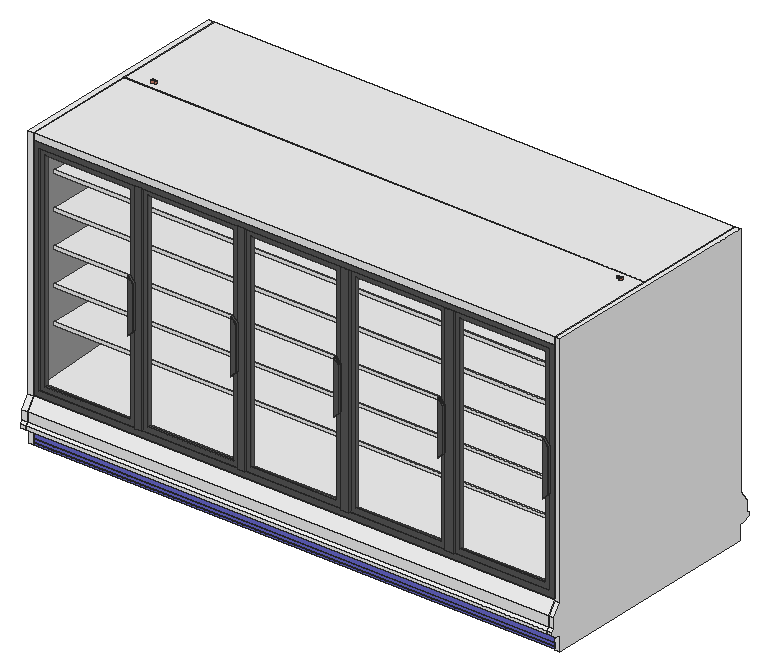
Revit family
Parameters (values of type "RLNI-5DR. Innov., Innov. II & III")
  Width = 72 1/4"
  Voltage - Electric Defrost [instance] = 208 V
  Voltage [instance] = 120 V
  URL = "www.hussmann.com"
  Type Comments = "Narrow LT Reach-In Island Merchandiser"
  Temp Sensor [instance] = "Low Voltage"
  Telephone = no
  System Control [instance] = "1.00 A"
  Revit Family Dates = "4/23/12PMA(0112)"
  Refrigerant Suction Connection Diameter [instance] = 7/8"
  Refrigerant Liquid Connection Diameter [instance] = 3/8"
  Refrig. Suction-2 [instance] = "Suction2"
  Refrig. Suction [instance] = "Suction"
  Refrig. Liquid-2 [instance] = "Liquid2"
  Refrig. Liquid [instance] = "Liquid"
  Phase [instance] = 1
  Number of Shelves = 0
  Model = "RLNI-5"
  Mirrored Right End Cap On/Off [instance] = yes
  Mirrored Left End Cap On/Off [instance] = yes
  Manufacturer = "Hussmann Corporation"
  MCA (Min Circ Amp) - 2 [instance] = 8.6 A
  MCA (Min Circ Amp) [instance] = 8.6 A
  Linear Shelf Length = 0"
  Length = 153 5/16"
  Height = 82 3/8"
  Front Height = 0"
  Frequency [instance] = 60 Hz
  Finish_Trim [instance] = Stainless Steel 2
  Finish_Top [instance] = none
  Finish_Shelf [instance] = Stainless Steel
  Finish_Handle = Metal Black-Door
  Finish_Glass [instance] = Glass 2
  Finish_Frame = Metal Black-Door
  Finish_Door [instance] = Metal Black-Door
  Finish_Case [instance] = Stainless Steel
  Finish_Bumper [instance] = Metal Blue-trim
  Finish_Base [instance] = Stainless Steel
  Elect. Defrost Amps-2 [instance] = "16.82 A"
  Elect. Defrost Amps [instance] = "16.82 A"
  Elect. Def. Amps - 2 [instance] = 16.82 A
  Elect. Def. Amps [instance] = 16.82 A
  EMS = no
  Drain Pipe Size = "1 1/4\""
  Drain Heaters-2 [instance] = 2.57 A
  Drain Heaters [instance] = 2.57 A
  Description = "Low Temperature Reach-in(Food or Ice Cream)"
  Depth = 39 3/4"
  Data = "N/A"
  Copper-Suction [instance] = Copper
  Copper-Liquid [instance] = Copper
  Case Lights-2 [instance] = 0.9 A
  Case Lights Amps-2 [instance] = "0.90 A"
  Case Lights Amps [instance] = "0.90 A"
  Case Lights [instance] = 0.9 A
  Case Fans (MCA)-2 [instance] = "8.60 A"
  Case Fans (MCA) [instance] = "8.60 A"
  Assembly Code = ""
  Accessories/Options = "N/A"
Reference planes (in)
  plane 1 "Center (Front/Back)": y = 0
  plane 2: z = 0
  plane 3: z = 13.375
  plane 4: z = 80.375
  plane 5: z = 82.375
  plane 6: x = -77.30699
  plane 7: x = 76.00551
  plane 8: x = -0.49449
  plane 9: y = -36.16436
  plane 10: y = -27.03936
  plane 11: y = -24.41436
  plane 12: y = 36.08564
  plane 13: y = 23.375
  plane 14: y = 20.75
  plane 15: x = 71.00551
  plane 16: y = -23.91436
  plane 17: y = -34.03936
  plane 18: x = 63.00551
  plane 19: x = -34.86949
  plane 20: x = 33.88051
Forms (in)
  Extrusion 1, solid, material "Stainless Steel" <- "Finish_Case"
    sketch origin (-77.30699, 3.58564, 0) x (0, 1, 0) y (0, 0, 1)
      loop
        line (-5, 4.63662) -> (-3.58564, 6.05098) -> (-3.58564, 82.375) -> (-36.8125, 82.375) -> (-36.8125, 80.375) -> (-5.25, 80.375) -> (-5.25, 8.32075) -> (-24.32494, 7.65464) -> (-25.55546, 6.42413) -> (-29.05546, 6.42413) -> (-31, 8.36867) -> (-33.25, 8.36867) -> (-33.25, 6.36867) -> (-30.25, 4.63662) -> (-5, 4.63662)
    from 0 to 153.3125
  Extrusion 2, solid, material "Stainless Steel" <- "Finish_Case"
    sketch origin (-77.30699, 7.58564, 0) x (0, 1, 0) y (0, 0, 1)
      loop
        line (-37.25, 13.375) -> (-40.75, 13.06879) -> (-43.04431, 9.79218) -> (-43.04431, 7.04218) -> (-43.75, 6.33649) -> (-43.75, 5.46372) -> (-42.51777, 4.6009) -> (-40.75, 6.36867) -> (-40.75, 8.36867) -> (-37.25, 8.36867) -> (-37.25, 13.375)
    from 0 to 153.3125
  Extrusion 3, solid, material "Stainless Steel" <- "Finish_Case"
    sketch origin (-77.30699, 3.58564, 0) x (0, 1, 0) y (0, 0, 1)
      loop
        line (-5.25, 80.375) -> (-32.75, 80.375) -> (-32.75, 79.30701) -> (-7.5, 78.86627) -> (-7.5, 8.24218) -> (-5.25, 8.32075) -> (-5.25, 80.375)
    from 0 to 153.3125
  Extrusion 4, solid
    sketch origin (-77.30699, 3.58564, 0) x (0, 1, 0) y (0, 0, 1)
      loop
        line (-33, 79.31138) -> (-33, 78.31138) -> (-30, 78.31138) -> (-30, 79.25901) -> (-33, 79.31138)
    from 0 to 150.375
  Extrusion 5, solid, material "Stainless Steel" <- "Finish_Base"
    sketch origin (-77.30699, 3.58564, 0) x (0, 1, 0) y (0, 0, 1)
      loop
        line (-7.5, 8.24218) -> (-7.5, 14.02618) -> (-29, 14.02618) -> (-29, 11.02618)
        arc (-29, 11.02618) -> (-29.29289, 10.31907) -> (-30, 10.02618) r 1
        line (-30, 10.02618) -> (-31.25, 10.02618)
        arc (-31.25, 10.02618) -> (-31.95711, 10.31907) -> (-32.25, 11.02618) r 1
        line (-32.25, 11.02618) -> (-32.25, 13.375) -> (-33.25, 13.375) -> (-33.25, 8.36867) -> (-31, 8.36867) -> (-29.05546, 6.42413) -> (-25.55546, 6.42413) -> (-24.32494, 7.65464) -> (-7.5, 8.24218)
    from 0 to 153.3125
  Extrusion 6, solid, material "Stainless Steel" <- "Finish_Shelf"
    sketch origin (-77.30699, 3.58564, 0) x (0, 1, 0) y (0, 0, 1)
      loop
        line (-7.5, 64.46157) -> (-7.5, 68.38662) -> (-8.5, 68.38662) -> (-8.5, 69.38662) -> (-29.5, 69.38662) -> (-29.5, 69.63662) -> (-29.75, 69.63662) -> (-29.75, 68.63662) -> (-29.5, 68.63662) -> (-29.5, 69.13662) -> (-26, 69.13662) -> (-26, 68.88662) -> (-13.81963, 68.88662) -> (-7.5, 64.46157)
      loop
        line (-34.54319, 13.85228) -> (-7.5, 15.26956) -> (-7.5, 16.27093) -> (-34.54319, 14.85366) -> (-34.54319, 13.85228)
      loop
        line (-7.5, 54.46157) -> (-7.5, 58.38662) -> (-8.5, 58.38662) -> (-8.5, 59.38662) -> (-29.5, 59.38662) -> (-29.5, 59.63662) -> (-29.75, 59.63662) -> (-29.75, 58.63662) -> (-29.5, 58.63662) -> (-29.5, 59.13662) -> (-26, 59.13662) -> (-26, 58.88662) -> (-13.81963, 58.88662) -> (-7.5, 54.46157)
      loop
        line (-7.5, 44.46157) -> (-7.5, 48.38662) -> (-8.5, 48.38662) -> (-8.5, 49.38662) -> (-29.5, 49.38662) -> (-29.5, 49.63662) -> (-29.75, 49.63662) -> (-29.75, 48.63662) -> (-29.5, 48.63662) -> (-29.5, 49.13662) -> (-26, 49.13662) -> (-26, 48.88662) -> (-13.81963, 48.88662) -> (-7.5, 44.46157)
      loop
        line (-7.5, 34.46157) -> (-7.5, 38.38662) -> (-8.5, 38.38662) -> (-8.5, 39.38662) -> (-29.5, 39.38662) -> (-29.5, 39.63662) -> (-29.75, 39.63662) -> (-29.75, 38.63662) -> (-29.5, 38.63662) -> (-29.5, 39.13662) -> (-26, 39.13662) -> (-26, 38.88662) -> (-13.81963, 38.88662) -> (-7.5, 34.46157)
      loop
        line (-7.5, 24.46157) -> (-7.5, 28.38662) -> (-8.5, 28.38662) -> (-8.5, 29.38662) -> (-29.5, 29.38662) -> (-29.5, 29.63662) -> (-29.75, 29.63662) -> (-29.75, 28.63662) -> (-29.5, 28.63662) -> (-29.5, 29.13662) -> (-26, 29.13662) -> (-26, 28.88662) -> (-13.81963, 28.88662) -> (-7.5, 24.46157)
    from 0 to 153.3125
  Extrusion 7, solid, material "Stainless Steel"
    sketch origin (-75.80699, 3.58564, 0) x (0, 1, 0) y (0, 0, 1)
      loop
        line (0, 4.26162) -> (-33.84766, 4.26162) -> (-33.84766, 0) -> (0, 0) -> (0, 4.26162)
    from 0 to -1.5
  Extrusion 8, solid, material "Stainless Steel"
    sketch origin (74.50551, 3.58564, 0) x (0, 1, 0) y (0, 0, 1)
      loop
        line (0, 4.26162) -> (-33.84766, 4.26162) -> (-33.84766, 0) -> (0, 0) -> (0, 4.26162)
    from 0 to 1.5
  Extrusion 9, solid, material "Metal Blue-trim"
    sketch origin (-80.30699, 8.39814, 0) x (0, 1, 0) y (0, 0, 1)
      loop
        line (-38.66016, 4.7871) -> (-39.66016, 5.36445) -> (-39.66016, 4.26162) -> (-41.3125, 4.55297) -> (-41.3125, 1.75) -> (-41.5625, 1.75) -> (-41.5625, 1) -> (-41.3125, 1) -> (-41.3125, 0.75) -> (-41.5625, 0.75) -> (-41.5625, 0.19004) -> (-39.66016, 0.52548) -> (-39.66016, 0) -> (-38.66016, 0) -> (-38.66016, 4.7871)
    from 3 to 156.3125
  Extrusion 10, solid, material "Stainless Steel"
    sketch origin (-80.30699, 3.58564, 0) x (0, 1, 0) y (0, 0, 1)
      loop
        line (-33.84766, 1.76162) -> (0, 1.76162) -> (0, 4.26162) -> (-33.84766, 4.26162) -> (-33.84766, 1.76162)
    from 4.5 to 154.8125
  Extrusion 11, solid, material "Stainless Steel"
    sketch origin (-75.80699, 3.58564, 0) x (0, 1, 0) y (0, 0, 1)
      loop
        line (-0.5532, 1.76162) -> (-2.8032, 1.76162) -> (-2.8032, 0) -> (-0.5532, 0) -> (-0.5532, 1.76162)
      loop
        line (-29.125, 1.76162) -> (-29.125, 0) -> (-26.875, 0) -> (-26.875, 1.76162) -> (-29.125, 1.76162)
    from 0 to 150.3125
  Extrusion 12, solid, material "Stainless Steel"
    sketch origin (-77.30699, 3.58564, 0) x (0, 1, 0) y (0, 0, 1)
      loop
        line (-2.5, 4.26162) -> (0, 4.26162) -> (0, 50.13662) -> (-2.5, 50.13662) -> (-2.5, 4.26162)
    from 0 to 153.3125
  Sweep 13, solid, material "Metal Black-Door"
    path origin (0, 6.77314, 0) x (1, 0, 0) y (0, 0, 1)
      loop
        line (-77.30699, 80.375) -> (-77.30699, 13.375) -> (76.00551, 13.375) -> (76.00551, 80.375) -> (-77.30699, 80.375)
    profile origin (-0.65074, 6.77314, 80.375) x (0, 0, 1) y (0, -1, 0)
      loop
        line (0, 40) -> (-1.5, 40) -> (-1.5, 38.5) -> (0, 38.5) -> (0, 40)
  Extrusion 14, solid, material "Metal Black-Door"
    sketch origin (0, -33.22686, 0) x (0, 0, 1) y (1, 0, 0)
      loop
        line (78.875, -75.80699) -> (78.875, -47.53199) -> (14.875, -47.53199) -> (14.875, -75.80699) -> (78.875, -75.80699)
      loop
        line (77.375, -74.30699) -> (77.375, -49.03199) -> (16.375, -49.03199) -> (16.375, -74.30699) -> (77.375, -74.30699)
      loop
        line (78.875, -17.25699) -> (14.875, -17.25699) -> (14.875, -45.53199) -> (78.875, -45.53199) -> (78.875, -17.25699)
      loop
        line (77.375, -18.75699) -> (16.375, -18.75699) -> (16.375, -44.03199) -> (77.375, -44.03199) -> (77.375, -18.75699)
      loop
        line (78.875, -15.13199) -> (78.875, 13.14301) -> (14.875, 13.14301) -> (14.875, -15.13199) -> (78.875, -15.13199)
      loop
        line (77.375, -13.63199) -> (77.375, 11.64301) -> (16.375, 11.64301) -> (16.375, -13.63199) -> (77.375, -13.63199)
      loop
        line (78.875, 43.79301) -> (14.875, 43.79301) -> (14.875, 15.51801) -> (78.875, 15.51801) -> (78.875, 43.79301)
      loop
        line (77.375, 42.29301) -> (16.375, 42.29301) -> (16.375, 17.01801) -> (77.375, 17.01801) -> (77.375, 42.29301)
      loop
        line (78.875, 46.23051) -> (78.875, 74.50551) -> (14.875, 74.50551) -> (14.875, 46.23051) -> (78.875, 46.23051)
      loop
        line (77.375, 47.73051) -> (77.375, 73.00551) -> (16.375, 73.00551) -> (16.375, 47.73051) -> (77.375, 47.73051)
    from 0.5 to 1.5
  Extrusion 15, solid, material "Glass 2"
    sketch origin (0, -32.47686, 0) x (1, 0, 0) y (0, 0, 1)
      loop
        line (-74.30699, 77.375) -> (-74.30699, 16.375) -> (-49.03199, 16.375) -> (-49.03199, 77.375) -> (-74.30699, 77.375)
      loop
        line (-18.75699, 77.375) -> (-44.03199, 77.375) -> (-44.03199, 16.375) -> (-18.75699, 16.375) -> (-18.75699, 77.375)
      loop
        line (-13.63199, 77.375) -> (-13.63199, 16.375) -> (11.64301, 16.375) -> (11.64301, 77.375) -> (-13.63199, 77.375)
      loop
        line (42.29301, 77.375) -> (17.01801, 77.375) -> (17.01801, 16.375) -> (42.29301, 16.375) -> (42.29301, 77.375)
      loop
        line (47.73051, 77.375) -> (47.73051, 16.375) -> (73.00551, 16.375) -> (73.00551, 77.375) -> (47.73051, 77.375)
    from 0 to -0.19922
  Extrusion 16, solid, material "Metal Black-Door"
    sketch origin (-34.88125, 3.64814, 31.9375) x (1, 0, 0) y (0, 0, 1)
      loop
        line (-14.15074, 22.8125) -> (-14.15074, 22.45895) -> (-12.90074, 21.20895) -> (-12.90074, 8.66605) -> (-14.15074, 7.41605) -> (-14.15074, 7.0625) -> (-12.65074, 8.5625) -> (-12.65074, 21.3125) -> (-14.15074, 22.8125)
    from 36.875 to 37.375
  Extrusion 17, solid, material "Metal Black-Door"
    sketch origin (-34.88125, -33.72686, 31.9375) x (1, 0, 0) y (0, 0, 1)
      loop
        line (-12.65074, 21.3125) -> (-14.15074, 22.8125) -> (-14.15074, 7.0625) -> (-12.65074, 8.5625) -> (-12.65074, 21.3125)
    from 0.25 to 0
  Extrusion 18, solid, material "Metal Black-Door"
    sketch origin (-4.60625, 3.64814, 31.9375) x (1, 0, 0) y (0, 0, 1)
      loop
        line (-14.15074, 22.8125) -> (-14.15074, 22.45895) -> (-12.90074, 21.20895) -> (-12.90074, 8.66605) -> (-14.15074, 7.41605) -> (-14.15074, 7.0625) -> (-12.65074, 8.5625) -> (-12.65074, 21.3125) -> (-14.15074, 22.8125)
    from 36.875 to 37.375
  Extrusion 19, solid, material "Metal Black-Door"
    sketch origin (-4.60625, -33.72686, 31.9375) x (1, 0, 0) y (0, 0, 1)
      loop
        line (-12.65074, 21.3125) -> (-14.15074, 22.8125) -> (-14.15074, 7.0625) -> (-12.65074, 8.5625) -> (-12.65074, 21.3125)
    from 0.25 to 0
  Extrusion 20, solid, material "Metal Black-Door"
    sketch origin (25.79375, 3.64814, 31.9375) x (1, 0, 0) y (0, 0, 1)
      loop
        line (-14.15074, 22.8125) -> (-14.15074, 22.45895) -> (-12.90074, 21.20895) -> (-12.90074, 8.66605) -> (-14.15074, 7.41605) -> (-14.15074, 7.0625) -> (-12.65074, 8.5625) -> (-12.65074, 21.3125) -> (-14.15074, 22.8125)
    from 36.875 to 37.375
  Extrusion 21, solid, material "Metal Black-Door"
    sketch origin (25.79375, -33.72686, 31.9375) x (1, 0, 0) y (0, 0, 1)
      loop
        line (-12.65074, 21.3125) -> (-14.15074, 22.8125) -> (-14.15074, 7.0625) -> (-12.65074, 8.5625) -> (-12.65074, 21.3125)
    from 0.25 to 0
  Extrusion 22, solid, material "Metal Black-Door"
    sketch origin (56.4443, 3.64814, 31.9375) x (1, 0, 0) y (0, 0, 1)
      loop
        line (-14.15128, 22.8125) -> (-14.15128, 22.45895) -> (-12.90074, 21.20895) -> (-12.90074, 8.66605) -> (-14.15128, 7.41605) -> (-14.15128, 7.0625) -> (-12.65074, 8.5625) -> (-12.65074, 21.3125) -> (-14.15128, 22.8125)
    from 36.875 to 37.375
  Extrusion 23, solid, material "Metal Black-Door"
    sketch origin (56.4443, -33.72686, 31.9375) x (1, 0, 0) y (0, 0, 1)
      loop
        line (-12.65074, 21.3125) -> (-14.15128, 22.8125) -> (-14.15128, 7.0625) -> (-12.65074, 8.5625) -> (-12.65074, 21.3125)
    from 0.25 to 0
  Extrusion 24, solid, material "Metal Black-Door"
    sketch origin (87.1568, 3.64814, 31.9375) x (1, 0, 0) y (0, 0, 1)
      loop
        line (-14.15128, 22.8125) -> (-14.15128, 22.45895) -> (-12.90074, 21.20895) -> (-12.90074, 8.66605) -> (-14.15128, 7.41605) -> (-14.15128, 7.0625) -> (-12.65074, 8.5625) -> (-12.65074, 21.3125) -> (-14.15128, 22.8125)
    from 36.875 to 37.375
  Extrusion 25, solid, material "Metal Black-Door"
    sketch origin (87.1568, -33.72686, 31.9375) x (1, 0, 0) y (0, 0, 1)
      loop
        line (-12.65074, 21.3125) -> (-14.15128, 22.8125) -> (-14.15128, 7.0625) -> (-12.65074, 8.5625) -> (-12.65074, 21.3125)
    from 0.25 to 0
  Extrusion 26, solid, material "Metal Black-Door"
    sketch origin (0, -33.07843, 0) x (1, 0, 0) y (0, 0, 1)
      loop
        line (-47.53199, 78.875) -> (-47.53199, 14.875) -> (-45.53199, 14.875) -> (-45.53199, 78.875) -> (-47.53199, 78.875)
      loop
        line (-17.25699, 78.875) -> (-17.25699, 14.875) -> (-15.13199, 14.875) -> (-15.13199, 78.875) -> (-17.25699, 78.875)
      loop
        line (13.14301, 78.875) -> (13.14301, 14.875) -> (15.51801, 14.875) -> (15.51801, 78.875) -> (13.14301, 78.875)
      loop
        line (43.79301, 78.875) -> (43.79301, 14.875) -> (46.23051, 14.875) -> (46.23051, 78.875) -> (43.79301, 78.875)
    from 0.14844 to -1.35156
  Extrusion 27, solid, material "Stainless Steel" <- "Finish_Case"
    sketch origin (76.00551, -3.66436, 0) x (0, -1, 0) y (0, 0, 1)
      loop
        line (-5, 4.63662) -> (-3.66436, 5.97226) -> (-3.66436, 82.375) -> (-36.8125, 82.375) -> (-36.8125, 80.375) -> (-5.25, 80.375) -> (-5.25, 8.32075) -> (-24.32494, 7.65464) -> (-25.55546, 6.42413) -> (-29.05546, 6.42413) -> (-31, 8.36867) -> (-33.25, 8.36867) -> (-33.25, 6.36867) -> (-30.25, 4.63662) -> (-5, 4.63662)
    from 0 to 153.3125
  Extrusion 28, solid, material "Stainless Steel" <- "Finish_Case"
    sketch origin (76.00551, -7.66436, 0) x (0, -1, 0) y (0, 0, 1)
      loop
        line (-37.25, 13.375) -> (-40.75, 13.06879) -> (-43.04431, 9.79218) -> (-43.04431, 7.04218) -> (-43.75, 6.33649) -> (-43.75, 5.46372) -> (-42.51777, 4.6009) -> (-40.75, 6.36867) -> (-40.75, 8.36867) -> (-37.25, 8.36867) -> (-37.25, 13.375)
    from 0 to 153.3125
  Extrusion 29, solid, material "Stainless Steel" <- "Finish_Case"
    sketch origin (76.00551, -3.66436, 0) x (0, -1, 0) y (0, 0, 1)
      loop
        line (-5.25, 80.375) -> (-32.75, 80.375) -> (-32.75, 79.30701) -> (-7.5, 78.86627) -> (-7.5, 8.24218) -> (-5.25, 8.32075) -> (-5.25, 80.375)
    from 0 to 153.3125
  Extrusion 30, solid
    sketch origin (76.00551, -3.66436, 0) x (0, -1, 0) y (0, 0, 1)
      loop
        line (-33, 79.31138) -> (-33, 78.31138) -> (-30, 78.31138) -> (-30, 79.25901) -> (-33, 79.31138)
    from 0 to 150.375
  Extrusion 31, solid, material "Stainless Steel" <- "Finish_Base"
    sketch origin (76.00551, -3.66436, 0) x (0, -1, 0) y (0, 0, 1)
      loop
        line (-7.5, 8.24218) -> (-7.5, 14.02618) -> (-29, 14.02618) -> (-29, 11.02618)
        arc (-29, 11.02618) -> (-29.29289, 10.31907) -> (-30, 10.02618) r 1
        line (-30, 10.02618) -> (-31.25, 10.02618)
        arc (-31.25, 10.02618) -> (-31.95711, 10.31907) -> (-32.25, 11.02618) r 1
        line (-32.25, 11.02618) -> (-32.25, 13.375) -> (-33.25, 13.375) -> (-33.25, 8.36867) -> (-31, 8.36867) -> (-29.05546, 6.42413) -> (-25.55546, 6.42413) -> (-24.32494, 7.65464) -> (-7.5, 8.24218)
    from 0 to 153.3125
  Extrusion 32, solid, material "Stainless Steel" <- "Finish_Shelf"
    sketch origin (76.00551, -3.66436, 0) x (0, -1, 0) y (0, 0, 1)
      loop
        line (-7.5, 64.46157) -> (-7.5, 68.38662) -> (-8.5, 68.38662) -> (-8.5, 69.38662) -> (-29.5, 69.38662) -> (-29.5, 69.63662) -> (-29.75, 69.63662) -> (-29.75, 68.63662) -> (-29.5, 68.63662) -> (-29.5, 69.13662) -> (-26, 69.13662) -> (-26, 68.88662) -> (-13.81963, 68.88662) -> (-7.5, 64.46157)
      loop
        line (-34.54319, 13.85228) -> (-7.5, 15.26956) -> (-7.5, 16.27093) -> (-34.54319, 14.85366) -> (-34.54319, 13.85228)
      loop
        line (-7.5, 54.46157) -> (-7.5, 58.38662) -> (-8.5, 58.38662) -> (-8.5, 59.38662) -> (-29.5, 59.38662) -> (-29.5, 59.63662) -> (-29.75, 59.63662) -> (-29.75, 58.63662) -> (-29.5, 58.63662) -> (-29.5, 59.13662) -> (-26, 59.13662) -> (-26, 58.88662) -> (-13.81963, 58.88662) -> (-7.5, 54.46157)
      loop
        line (-7.5, 44.46157) -> (-7.5, 48.38662) -> (-8.5, 48.38662) -> (-8.5, 49.38662) -> (-29.5, 49.38662) -> (-29.5, 49.63662) -> (-29.75, 49.63662) -> (-29.75, 48.63662) -> (-29.5, 48.63662) -> (-29.5, 49.13662) -> (-26, 49.13662) -> (-26, 48.88662) -> (-13.81963, 48.88662) -> (-7.5, 44.46157)
      loop
        line (-7.5, 34.46157) -> (-7.5, 38.38662) -> (-8.5, 38.38662) -> (-8.5, 39.38662) -> (-29.5, 39.38662) -> (-29.5, 39.63662) -> (-29.75, 39.63662) -> (-29.75, 38.63662) -> (-29.5, 38.63662) -> (-29.5, 39.13662) -> (-26, 39.13662) -> (-26, 38.88662) -> (-13.81963, 38.88662) -> (-7.5, 34.46157)
      loop
        line (-7.5, 24.46157) -> (-7.5, 28.38662) -> (-8.5, 28.38662) -> (-8.5, 29.38662) -> (-29.5, 29.38662) -> (-29.5, 29.63662) -> (-29.75, 29.63662) -> (-29.75, 28.63662) -> (-29.5, 28.63662) -> (-29.5, 29.13662) -> (-26, 29.13662) -> (-26, 28.88662) -> (-13.81963, 28.88662) -> (-7.5, 24.46157)
    from 0 to 153.3125
  Extrusion 33, solid, material "Stainless Steel"
    sketch origin (74.50551, -3.66436, 0) x (0, -1, 0) y (0, 0, 1)
      loop
        line (0, 4.26162) -> (-33.84766, 4.26162) -> (-33.84766, 0) -> (0, 0) -> (0, 4.26162)
    from 0 to -1.5
  Extrusion 34, solid, material "Stainless Steel"
    sketch origin (-75.80699, -3.66436, 0) x (0, -1, 0) y (0, 0, 1)
      loop
        line (0, 4.26162) -> (-33.84766, 4.26162) -> (-33.84766, 0) -> (0, 0) -> (0, 4.26162)
    from 0 to 1.5
  Extrusion 35, solid, material "Metal Blue-trim"
    sketch origin (79.00551, -8.47686, 0) x (0, -1, 0) y (0, 0, 1)
      loop
        line (-38.66016, 4.7871) -> (-39.66016, 5.36445) -> (-39.66016, 4.26162) -> (-41.3125, 4.55297) -> (-41.3125, 1.75) -> (-41.5625, 1.75) -> (-41.5625, 1) -> (-41.3125, 1) -> (-41.3125, 0.75) -> (-41.5625, 0.75) -> (-41.5625, 0.19004) -> (-39.66016, 0.52548) -> (-39.66016, 0) -> (-38.66016, 0) -> (-38.66016, 4.7871)
    from 3 to 156.3125
  Extrusion 36, solid, material "Stainless Steel"
    sketch origin (79.00551, -3.66436, 0) x (0, -1, 0) y (0, 0, 1)
      loop
        line (-33.84766, 1.76162) -> (0, 1.76162) -> (0, 4.26162) -> (-33.84766, 4.26162) -> (-33.84766, 1.76162)
    from 4.5 to 154.8125
  Extrusion 37, solid, material "Stainless Steel"
    sketch origin (74.50551, -3.66436, 0) x (0, -1, 0) y (0, 0, 1)
      loop
        line (-0.5532, 1.76162) -> (-2.8032, 1.76162) -> (-2.8032, 0) -> (-0.5532, 0) -> (-0.5532, 1.76162)
      loop
        line (-29.125, 1.76162) -> (-29.125, 0) -> (-26.875, 0) -> (-26.875, 1.76162) -> (-29.125, 1.76162)
    from 0 to 150.3125
  Extrusion 38, solid, material "Stainless Steel"
    sketch origin (76.00551, -3.66436, 0) x (0, -1, 0) y (0, 0, 1)
      loop
        line (-2.5, 4.26162) -> (0, 4.26162) -> (0, 50.13662) -> (-2.5, 50.13662) -> (-2.5, 4.26162)
    from 0 to 153.3125
  Sweep 39, solid, material "Metal Black-Door"
    path origin (-1.30147, -6.85186, 0) x (-1, 0, 0) y (0, 0, 1)
      loop
        line (-77.30699, 80.375) -> (-77.30699, 13.375) -> (76.00551, 13.375) -> (76.00551, 80.375) -> (-77.30699, 80.375)
    profile origin (-0.65074, -6.85186, 80.375) x (0, 0, 1) y (0, 1, 0)
      loop
        line (0, 40) -> (-1.5, 40) -> (-1.5, 38.5) -> (0, 38.5) -> (0, 40)
  Extrusion 40, solid, material "Metal Black-Door"
    sketch origin (-1.30147, 33.14814, 0) x (0, 0, 1) y (-1, 0, 0)
      loop
        line (78.875, -75.80699) -> (78.875, -47.53199) -> (14.875, -47.53199) -> (14.875, -75.80699) -> (78.875, -75.80699)
      loop
        line (77.375, -74.30699) -> (77.375, -49.03199) -> (16.375, -49.03199) -> (16.375, -74.30699) -> (77.375, -74.30699)
      loop
        line (78.875, -17.25699) -> (14.875, -17.25699) -> (14.875, -45.53199) -> (78.875, -45.53199) -> (78.875, -17.25699)
      loop
        line (77.375, -18.75699) -> (16.375, -18.75699) -> (16.375, -44.03199) -> (77.375, -44.03199) -> (77.375, -18.75699)
      loop
        line (78.875, -15.13199) -> (78.875, 13.14301) -> (14.875, 13.14301) -> (14.875, -15.13199) -> (78.875, -15.13199)
      loop
        line (77.375, -13.63199) -> (77.375, 11.64301) -> (16.375, 11.64301) -> (16.375, -13.63199) -> (77.375, -13.63199)
      loop
        line (78.875, 43.79301) -> (14.875, 43.79301) -> (14.875, 15.51801) -> (78.875, 15.51801) -> (78.875, 43.79301)
      loop
        line (77.375, 42.29301) -> (16.375, 42.29301) -> (16.375, 17.01801) -> (77.375, 17.01801) -> (77.375, 42.29301)
      loop
        line (78.875, 46.23051) -> (78.875, 74.50551) -> (14.875, 74.50551) -> (14.875, 46.23051) -> (78.875, 46.23051)
      loop
        line (77.375, 47.73051) -> (77.375, 73.00551) -> (16.375, 73.00551) -> (16.375, 47.73051) -> (77.375, 47.73051)
    from 0.5 to 1.5
  Extrusion 41, solid, material "Glass 2"
    sketch origin (-1.30147, 32.39814, 0) x (-1, 0, 0) y (0, 0, 1)
      loop
        line (-74.30699, 77.375) -> (-74.30699, 16.375) -> (-49.03199, 16.375) -> (-49.03199, 77.375) -> (-74.30699, 77.375)
      loop
        line (-18.75699, 77.375) -> (-44.03199, 77.375) -> (-44.03199, 16.375) -> (-18.75699, 16.375) -> (-18.75699, 77.375)
      loop
        line (-13.63199, 77.375) -> (-13.63199, 16.375) -> (11.64301, 16.375) -> (11.64301, 77.375) -> (-13.63199, 77.375)
      loop
        line (42.29301, 77.375) -> (17.01801, 77.375) -> (17.01801, 16.375) -> (42.29301, 16.375) -> (42.29301, 77.375)
      loop
        line (47.73051, 77.375) -> (47.73051, 16.375) -> (73.00551, 16.375) -> (73.00551, 77.375) -> (47.73051, 77.375)
    from 0 to -0.19922
  Extrusion 42, solid, material "Metal Black-Door"
    sketch origin (33.57978, -3.72686, 31.9375) x (-1, 0, 0) y (0, 0, 1)
      loop
        line (-14.15074, 22.8125) -> (-14.15074, 22.45895) -> (-12.90074, 21.20895) -> (-12.90074, 8.66605) -> (-14.15074, 7.41605) -> (-14.15074, 7.0625) -> (-12.65074, 8.5625) -> (-12.65074, 21.3125) -> (-14.15074, 22.8125)
    from 36.875 to 37.375
  Extrusion 43, solid, material "Metal Black-Door"
    sketch origin (33.57978, 33.64814, 31.9375) x (-1, 0, 0) y (0, 0, 1)
      loop
        line (-12.65074, 21.3125) -> (-14.15074, 22.8125) -> (-14.15074, 7.0625) -> (-12.65074, 8.5625) -> (-12.65074, 21.3125)
    from 0.25 to 0
  Extrusion 44, solid, material "Metal Black-Door"
    sketch origin (3.30478, -3.72686, 31.9375) x (-1, 0, 0) y (0, 0, 1)
      loop
        line (-14.15074, 22.8125) -> (-14.15074, 22.45895) -> (-12.90074, 21.20895) -> (-12.90074, 8.66605) -> (-14.15074, 7.41605) -> (-14.15074, 7.0625) -> (-12.65074, 8.5625) -> (-12.65074, 21.3125) -> (-14.15074, 22.8125)
    from 36.875 to 37.375
  Extrusion 45, solid, material "Metal Black-Door"
    sketch origin (3.30478, 33.64814, 31.9375) x (-1, 0, 0) y (0, 0, 1)
      loop
        line (-12.65074, 21.3125) -> (-14.15074, 22.8125) -> (-14.15074, 7.0625) -> (-12.65074, 8.5625) -> (-12.65074, 21.3125)
    from 0.25 to 0
  Extrusion 46, solid, material "Metal Black-Door"
    sketch origin (-27.09522, -3.72686, 31.9375) x (-1, 0, 0) y (0, 0, 1)
      loop
        line (-14.15074, 22.8125) -> (-14.15074, 22.45895) -> (-12.90074, 21.20895) -> (-12.90074, 8.66605) -> (-14.15074, 7.41605) -> (-14.15074, 7.0625) -> (-12.65074, 8.5625) -> (-12.65074, 21.3125) -> (-14.15074, 22.8125)
    from 36.875 to 37.375
  Extrusion 47, solid, material "Metal Black-Door"
    sketch origin (-27.09522, 33.64814, 31.9375) x (-1, 0, 0) y (0, 0, 1)
      loop
        line (-12.65074, 21.3125) -> (-14.15074, 22.8125) -> (-14.15074, 7.0625) -> (-12.65074, 8.5625) -> (-12.65074, 21.3125)
    from 0.25 to 0
  Extrusion 48, solid, material "Metal Black-Door"
    sketch origin (-57.74577, -3.72686, 31.9375) x (-1, 0, 0) y (0, 0, 1)
      loop
        line (-14.15128, 22.8125) -> (-14.15128, 22.45895) -> (-12.90074, 21.20895) -> (-12.90074, 8.66605) -> (-14.15128, 7.41605) -> (-14.15128, 7.0625) -> (-12.65074, 8.5625) -> (-12.65074, 21.3125) -> (-14.15128, 22.8125)
    from 36.875 to 37.375
  Extrusion 49, solid, material "Metal Black-Door"
    sketch origin (-57.74577, 33.64814, 31.9375) x (-1, 0, 0) y (0, 0, 1)
      loop
        line (-12.65074, 21.3125) -> (-14.15128, 22.8125) -> (-14.15128, 7.0625) -> (-12.65074, 8.5625) -> (-12.65074, 21.3125)
    from 0.25 to 0
  Extrusion 50, solid, material "Metal Black-Door"
    sketch origin (-88.45827, -3.72686, 31.9375) x (-1, 0, 0) y (0, 0, 1)
      loop
        line (-14.15128, 22.8125) -> (-14.15128, 22.45895) -> (-12.90074, 21.20895) -> (-12.90074, 8.66605) -> (-14.15128, 7.41605) -> (-14.15128, 7.0625) -> (-12.65074, 8.5625) -> (-12.65074, 21.3125) -> (-14.15128, 22.8125)
    from 36.875 to 37.375
  Extrusion 51, solid, material "Metal Black-Door"
    sketch origin (-88.45827, 33.64814, 31.9375) x (-1, 0, 0) y (0, 0, 1)
      loop
        line (-12.65074, 21.3125) -> (-14.15128, 22.8125) -> (-14.15128, 7.0625) -> (-12.65074, 8.5625) -> (-12.65074, 21.3125)
    from 0.25 to 0
  Extrusion 52, solid, material "Metal Black-Door"
    sketch origin (-1.30147, 32.9997, 0) x (-1, 0, 0) y (0, 0, 1)
      loop
        line (-47.53199, 78.875) -> (-47.53199, 14.875) -> (-45.53199, 14.875) -> (-45.53199, 78.875) -> (-47.53199, 78.875)
      loop
        line (-17.25699, 78.875) -> (-17.25699, 14.875) -> (-15.13199, 14.875) -> (-15.13199, 78.875) -> (-17.25699, 78.875)
      loop
        line (13.14301, 78.875) -> (13.14301, 14.875) -> (15.51801, 14.875) -> (15.51801, 78.875) -> (13.14301, 78.875)
      loop
        line (43.79301, 78.875) -> (43.79301, 14.875) -> (46.23051, 14.875) -> (46.23051, 78.875) -> (43.79301, 78.875)
    from 0.14844 to -1.35156
  Extrusion 53, solid, material "Glass 2"
    sketch origin (0, 10.58564, 0) x (1, 0, 0) y (0, 1, 0)
      loop
        circle (63.00551, -37.625) r 0.25
      loop
        circle (63.00551, -37.625) r 0.22784
      loop
        circle (62.41614, -37.625) r 0.25
      loop
        circle (62.41614, -37.625) r 0.22784
      loop
        circle (61.8347, -37.625) r 0.25
      loop
        circle (61.8347, -37.625) r 0.22784
      loop
        circle (61.26778, -37.625) r 0.25
      loop
        circle (61.26778, -37.625) r 0.22784
      loop
        circle (60.70087, -37.625) r 0.25
      loop
        circle (60.70087, -37.625) r 0.22784
    from 4.26162 to 1
  Extrusion 54, solid, material "Glass 2"
    sketch origin (-125.5, 64.58564, 0) x (1, 0, 0) y (0, 1, 0)
      loop
        circle (63.00551, -37.625) r 0.25
      loop
        circle (63.00551, -37.625) r 0.22784
      loop
        circle (62.41614, -37.625) r 0.25
      loop
        circle (62.41614, -37.625) r 0.22784
      loop
        circle (61.8347, -37.625) r 0.25
      loop
        circle (61.8347, -37.625) r 0.22784
      loop
        circle (61.26778, -37.625) r 0.25
      loop
        circle (61.26778, -37.625) r 0.22784
      loop
        circle (63.59488, -37.625) r 0.25
      loop
        circle (63.59488, -37.625) r 0.22784
    from 4.26162 to 1
  Extrusion 55, solid, material "Copper" <- "Copper-Suction"
    sketch origin (0, 0, 0) x (1, 0, 0) y (0, 1, 0)
      loop
        circle (71.00551, -22.57092) r 0.4375
      loop
        circle (71.00551, -22.57092) r 0.40773
    from 1.76162 to 0.15778
  Extrusion 56, solid, material "Copper" <- "Copper-Liquid"
    sketch origin (0, 0, 0) x (1, 0, 0) y (0, 1, 0)
      loop
        circle (69.97066, -22.57092) r 0.1875
      loop
        circle (69.97066, -22.57092) r 0.16378
    from 1.76162 to 0.15778
  Extrusion 57, solid, material "Copper" <- "Copper-Suction"
    sketch origin (0.21197, -0.12786, 0) x (-1, 0, 0) y (0, -1, 0)
      loop
        circle (71.00551, -22.57092) r 0.4375
      loop
        circle (71.00551, -22.57092) r 0.40773
    from 1.76162 to 0.15778
  Extrusion 58, solid, material "Copper" <- "Copper-Liquid"
    sketch origin (0.21197, -0.12786, 0) x (-1, 0, 0) y (0, -1, 0)
      loop
        circle (69.97066, -22.57092) r 0.1875
      loop
        circle (69.97066, -22.57092) r 0.16378
    from 1.76162 to 0.15778
  Extrusion 59, solid, material "Copper" <- "Copper-Suction"
    sketch origin (0.21197, -20.12745, 0) x (-1, 0, 0) y (0, -1, 0)
      loop
        circle (71.00551, -22.57092) r 0.4375
      loop
        circle (71.00551, -22.57092) r 0.40773
    from 82.81138 to 82.375
  Extrusion 60, solid, material "Copper" <- "Copper-Liquid"
    sketch origin (0.21197, -20.12745, 0) x (-1, 0, 0) y (0, -1, 0)
      loop
        circle (69.97066, -22.57092) r 0.1875
      loop
        circle (69.97066, -22.57092) r 0.16378
    from 82.81138 to 82.375
  Extrusion 61, solid, material "Copper" <- "Copper-Suction"
    sketch origin (0, 19.99882, 0) x (1, 0, 0) y (0, 1, 0)
      loop
        circle (71.00551, -22.57092) r 0.4375
      loop
        circle (71.00551, -22.57092) r 0.40773
    from 82.81138 to 82.375
  Extrusion 62, solid, material "Copper" <- "Copper-Liquid"
    sketch origin (0, 19.99882, 0) x (1, 0, 0) y (0, 1, 0)
      loop
        circle (69.97066, -22.57092) r 0.1875
      loop
        circle (69.97066, -22.57092) r 0.16378
    from 82.81138 to 82.375
  Extrusion 63, solid, material "Glass 2"
    sketch origin (0, 0, 0) x (1, 0, 0) y (0, 1, 0)
      loop
        circle (-0.49449, -27.03936) r 0.625
      loop
        circle (-0.49449, -27.03936) r 0.59162
      loop
        circle (-0.49449, 27.03936) r 0.625
      loop
        circle (-0.49449, 27.03936) r 0.59162
    from 4.26162 to 1
Lines and regions (in)
  symbolic lines
    curve 1: line (-77.30699, 0, 0) -> (76.00551, 0, 0)
    curve 2: line (-77.30699, -36.16436, 0) -> (-77.30699, 0, 0)
    curve 3: line (76.00551, -36.16436, 0) -> (-77.30699, -36.16436, 0)
    curve 4: line (76.00551, 0, 0) -> (76.00551, -36.16436, 0)
    curve 5: line (76.00551, -7.25, 0) -> (-77.30699, -7.25, 0)
    curve 6: line (76.00551, 36.08564, 0) -> (76.00551, -7.25, 0)
    curve 7: line (-77.30699, 36.08564, 0) -> (76.00551, 36.08564, 0)
    curve 8: line (-77.30699, -7.25, 0) -> (-77.30699, 36.08564, 0)
Dimensions and locks (in)
  plane 5 to level = 82 3/8"
  Extrusion 33 to plane 5 = 82 3/8"
  level to plane 3 = 13 3/8"
  plane 4 to plane 5 = 2"
  plane 6 to plane 7 = 153 5/16"
  plane 7 to plane 6 = 153 5/16"
  Extrusion 2 to Extrusion 28 = 72 1/4"
  plane 1 "Center (Front/Back)" to plane 9 = 36.16436"
  plane 1 "Center (Front/Back)" to plane 10 = 27.03936"
  plane 1 "Center (Front/Back)" to plane 11 = 24.41436"
  plane 9 to plane 1 "Center (Front/Back)" = 36.16436"
  plane 10 to plane 1 "Center (Front/Back)" = 27.03936"
  plane 11 to plane 1 "Center (Front/Back)" = 24.41436"
Nested families (in)
  nested 1: "RLNI-INNOVATORII_LH-END CAP MIRRORED" at (-78.80699, 0, 0), visible <- "Mirrored Left End Cap On/Off", type "RLNI LH End Cap (Mirrored)"
    with Color - End Cap Stainless Steel
  nested 2: "RLNI-INNOVATORII_RH-END CAP MIRRORED" at (76.00551, 0, 0), visible <- "Mirrored Right End Cap On/Off", type "RLNI RH End Cap (Mirrored)"
    with Color - End Cap Stainless Steel
  nested 3: "Case Model TXT" at (-0.49449, -6.22124, 0), type "Case Model TXT"
  nested 4: "Case Nodes" at (63.00551, -27.03936, 0), type "Case Nodes"
  nested 5: "Case Nodes" at (71.00468, -22.57009, 0), type "Case Nodes"
  nested 6: "Case Nodes" at (71.0031, -2.57127, 0), type "Case Nodes"
  nested 7: "Case Nodes" at (-70.78872, 22.46064, 0), type "Case Nodes"
  nested 8: "Case Nodes" at (-64.23197, 26.96169, 0), type "Case Nodes"
  nested 9: "Case Nodes" at (-34.86949, -33.16436, 0), type "Case Nodes"
  nested 10: "Case Nodes" at (-34.86949, 33.08564, 0), type "Case Nodes"
  nested 11: "Case Nodes" at (-34.86949, -27.03936, 0), type "Case Nodes"
  nested 12: "Case Nodes" at (33.88051, -33.16436, 0), type "Case Nodes"
  nested 13: "Case Nodes" at (33.88051, -27.03936, 0), type "Case Nodes"
  nested 14: "Case Nodes" at (-34.86949, 33.08564, 0), type "Case Nodes"
  nested 15: "Case Nodes" at (-34.86949, 27.03936, 0), type "Case Nodes"
  nested 16: "Case Nodes" at (33.88051, 33.08564, 0), type "Case Nodes"
  nested 17: "Case Nodes" at (33.88051, 27.03936, 0), type "Case Nodes"
Connectors (in)
  electrical at (63.00551, -27.03936, 1), driven by "Phase", driven by "Voltage - Electric Defrost", driven by "Elect. Defrost Amps"
    settings: on Extrusion 53, index 5, voltage 208 V, apparent load 0 VA, apparent load phase1 0 VA, apparent load phase2 0 VA, apparent load phase3 0 VA, power factor 1, load classification "Other", number of poles 1, system type 30, power factor state 1, is connector primary yes, connector utility no, sub classification motor no, connector description "16.82 A"
  electrical at (62.41614, -27.03936, 1), driven by "Phase", driven by "Voltage", driven by "Case Fans (MCA)"
    settings: on Extrusion 53, index 6, voltage 120 V, apparent load 0 VA, apparent load phase1 0 VA, apparent load phase2 0 VA, apparent load phase3 0 VA, power factor 1, load classification "Other", number of poles 1, system type 30, power factor state 1, is connector primary no, connector utility no, sub classification motor no, connector description "8.60 A"
  electrical at (-64.23222, 26.96064, 1), driven by "Phase", driven by "Voltage - Electric Defrost", driven by "Elect. Defrost Amps-2"
    settings: on Extrusion 54, index 9, voltage 208 V, apparent load 0 VA, apparent load phase1 0 VA, apparent load phase2 0 VA, apparent load phase3 0 VA, power factor 1, load classification "Other", number of poles 1, system type 30, power factor state 1, is connector primary no, connector utility no, sub classification motor no, connector description "16.82 A"
  electrical at (-63.6653, 26.96064, 1), driven by "Phase", driven by "Voltage", driven by "Case Fans (MCA)-2"
    settings: on Extrusion 54, index 10, voltage 120 V, apparent load 0 VA, apparent load phase1 0 VA, apparent load phase2 0 VA, apparent load phase3 0 VA, power factor 1, load classification "Other", number of poles 1, system type 30, power factor state 1, is connector primary no, connector utility no, sub classification motor no, connector description "8.60 A"
  piping at (71.00551, -22.57092, 0.15778), driven by "Refrig. Suction"
    settings: on Extrusion 55, index 17, connector radius 7/16", flow factor 0, pipe flow 0 GPM, pressure drop 0.00 psi, fitting loss kfactor 0, connector angle 0.00°, fixture units 0, flow configuration 0, flow direction 2, fitting loss method 0, system type 22, connector reference index -1, connector utility 0, adjustable connector no, is connector primary yes, fitting loss table "", connector description "Suction"
  piping at (69.97066, -22.57092, 0.15778), driven by "Refrig. Liquid"
    settings: on Extrusion 56, index 18, connector radius 3/16", flow factor 0, pipe flow 0 GPM, pressure drop 0.00 psi, fitting loss kfactor 0, connector angle 0.00°, fixture units 0, flow configuration 0, flow direction 1, fitting loss method 0, system type 22, connector reference index -1, connector utility 0, adjustable connector no, is connector primary no, fitting loss table "", connector description "Liquid"
  piping at (-70.79354, 22.44306, 0.15778), driven by "Refrig. Suction"
    settings: on Extrusion 57, index 19, connector radius 7/16", flow factor 0, pipe flow 0 GPM, pressure drop 0.00 psi, fitting loss kfactor 0, connector angle 0.00°, fixture units 0, flow configuration 0, flow direction 2, fitting loss method 0, system type 22, connector reference index -1, connector utility 0, adjustable connector no, is connector primary no, fitting loss table "", connector description "Suction"
  piping at (-69.75869, 22.44306, 0.15778), driven by "Refrig. Liquid"
    settings: on Extrusion 58, index 20, connector radius 3/16", flow factor 0, pipe flow 0 GPM, pressure drop 0.00 psi, fitting loss kfactor 0, connector angle 0.00°, fixture units 0, flow configuration 0, flow direction 1, fitting loss method 0, system type 22, connector reference index -1, connector utility 0, adjustable connector no, is connector primary no, fitting loss table "", connector description "Liquid"
  piping at (71.00551, -2.5721, 82.81138), driven by "Refrig. Suction-2"
    settings: on Extrusion 61, index 21, connector radius 7/16", flow factor 0, pipe flow 0 GPM, pressure drop 0.00 psi, fitting loss kfactor 0, connector angle 0.00°, fixture units 0, flow configuration 0, flow direction 2, fitting loss method 0, system type 22, connector reference index -1, connector utility 0, adjustable connector no, is connector primary no, fitting loss table "", connector description "Suction2"
  piping at (69.97066, -2.5721, 82.81138), driven by "Refrig. Liquid-2"
    settings: on Extrusion 62, index 22, connector radius 3/16", flow factor 0, pipe flow 0 GPM, pressure drop 0.00 psi, fitting loss kfactor 0, connector angle 0.00°, fixture units 0, flow configuration 0, flow direction 1, fitting loss method 0, system type 22, connector reference index -1, connector utility 0, adjustable connector no, is connector primary no, fitting loss table "", connector description "Liquid2"
  piping at (-70.79354, 2.44347, 82.81138), driven by "Refrig. Suction-2"
    settings: on Extrusion 59, index 23, connector radius 7/16", flow factor 0, pipe flow 0 GPM, pressure drop 0.00 psi, fitting loss kfactor 0, connector angle 0.00°, fixture units 0, flow configuration 0, flow direction 2, fitting loss method 0, system type 22, connector reference index -1, connector utility 0, adjustable connector no, is connector primary no, fitting loss table "", connector description "Suction2"
  piping at (-69.75869, 2.44347, 82.81138), driven by "Refrig. Liquid-2"
    settings: on Extrusion 60, index 24, connector radius 3/16", flow factor 0, pipe flow 0 GPM, pressure drop 0.00 psi, fitting loss kfactor 0, connector angle 0.00°, fixture units 0, flow configuration 0, flow direction 1, fitting loss method 0, system type 22, connector reference index -1, connector utility 0, adjustable connector no, is connector primary no, fitting loss table "", connector description "Liquid2"
  electrical at (61.8347, -27.03936, 1), driven by "Phase", driven by "Voltage", driven by "Case Lights Amps"
    settings: on Extrusion 53, index 25, voltage 120 V, apparent load 0 VA, apparent load phase1 0 VA, apparent load phase2 0 VA, apparent load phase3 0 VA, power factor 1, load classification "Other", number of poles 1, system type 30, power factor state 1, is connector primary no, connector utility no, sub classification motor no, connector description "0.90 A"
  electrical at (61.26778, -27.03936, 1), driven by "System Control"
    settings: on Extrusion 53, index 26, voltage 0 V, apparent load 0 VA, apparent load phase1 0 VA, apparent load phase2 0 VA, apparent load phase3 0 VA, power factor 1, load classification "Other", number of poles 1, system type 13, power factor state 1, is connector primary no, connector utility no, sub classification motor no, connector description "1.00 A"
  electrical at (60.70087, -27.03936, 1), driven by "Temp Sensor"
    settings: on Extrusion 53, index 27, voltage 0 V, apparent load 0 VA, apparent load phase1 0 VA, apparent load phase2 0 VA, apparent load phase3 0 VA, power factor 1, load classification "Other", number of poles 1, system type 5, power factor state 1, is connector primary no, connector utility no, sub classification motor no, connector description "Low Voltage"
  electrical at (-61.90512, 26.96064, 1), driven by "Temp Sensor"
    settings: on Extrusion 54, index 28, voltage 0 V, apparent load 0 VA, apparent load phase1 0 VA, apparent load phase2 0 VA, apparent load phase3 0 VA, power factor 1, load classification "Other", number of poles 1, system type 5, power factor state 1, is connector primary no, connector utility no, sub classification motor no, connector description "Low Voltage"
  electrical at (-62.49449, 26.96064, 1), driven by "System Control"
    settings: on Extrusion 54, index 29, voltage 0 V, apparent load 0 VA, apparent load phase1 0 VA, apparent load phase2 0 VA, apparent load phase3 0 VA, power factor 1, load classification "Other", number of poles 1, system type 13, power factor state 1, is connector primary no, connector utility no, sub classification motor no, connector description "1.00 A"
  electrical at (-63.08386, 26.96064, 1), driven by "Phase", driven by "Voltage", driven by "Case Lights Amps-2"
    settings: on Extrusion 54, index 30, voltage 120 V, apparent load 0 VA, apparent load phase1 0 VA, apparent load phase2 0 VA, apparent load phase3 0 VA, power factor 1, load classification "Other", number of poles 1, system type 30, power factor state 1, is connector primary no, connector utility no, sub classification motor no, connector description "0.90 A"
  piping at (-0.49449, -27.03936, 1), driven by "Drain Pipe Size"
    settings: on Extrusion 63, index 31, connector radius 5/8", flow factor 0, pipe flow 0 GPM, pressure drop 0.00 psi, fitting loss kfactor 0, connector angle 0.00°, fixture units 0, flow configuration 0, flow direction 2, fitting loss method 0, system type 16, connector reference index -1, connector utility 0, adjustable connector no, is connector primary no, fitting loss table "", connector description "1 1/4\""
  piping at (-0.49449, 27.03936, 1), driven by "Drain Pipe Size"
    settings: on Extrusion 63, index 32, connector radius 5/8", flow factor 0, pipe flow 0 GPM, pressure drop 0.00 psi, fitting loss kfactor 0, connector angle 0.00°, fixture units 0, flow configuration 0, flow direction 2, fitting loss method 0, system type 16, connector reference index -1, connector utility 0, adjustable connector no, is connector primary no, fitting loss table "", connector description "1 1/4\""
Definition of nested family "RLNI-INNOVATORII_LH-END CAP MIRRORED"
  Parameters (values of type "RLNI LH End Cap (Mirrored)")
    URL = "www.hussmann.com"
    Model = "RLNI-END CAP"
    Manufacturer = "Hussmann Corporation"
    Color - End Cap [instance] = Stainless Steel
  Reference planes (in)
    plane 1 "Center (Front/Back)": y = 0
    plane 2: z = 0
    plane 3 "Center (Left/Right)": x = 0
    plane 4: y = -36.16436
    plane 5: y = 36.08564
    plane 6: x = 1.5
  Forms (in)
    Extrusion 1, solid, material "Stainless Steel" <- "Color - End Cap"
      sketch origin (0, 0, 0.3753) x (0, 1, 0) y (0, 0, 1)
        loop
          line (-33.16436, -0.3753) -> (33.08564, -0.3753) -> (33.08564, 4) -> (34.53078, 4) -> (36.08564, 5.08872) -> (36.08564, 5.96149) -> (35.37994, 6.66718) -> (35.37994, 9.41718) -> (33.14814, 12.60453) -> (33.14814, 82) -> (-33.22686, 82) -> (-33.22686, 12.60453) -> (-35.45867, 9.41718) -> (-35.45867, 6.66718) -> (-36.16436, 5.96149) -> (-36.16436, 5.08872) -> (-34.60951, 4) -> (-33.16436, 4) -> (-33.16436, -0.3753)
      from 0 to 1.5
  Dimensions and locks (in)
    plane 3 "Center (Left/Right)" to plane 6 = 1 1/2"
    plane 4 to plane 5 = 72 1/4"
    aligned and locked: level to plane 2
    aligned and locked: plane 6 to Extrusion 1
Definition of nested family "RLNI-INNOVATORII_RH-END CAP MIRRORED"
  Parameters (values of type "RLNI RH End Cap (Mirrored)")
    URL = "www.hussmann.com"
    Model = "RLNI-END CAP"
    Manufacturer = "Hussmann Corporation"
    Color - End Cap [instance] = Stainless Steel
  Reference planes (in)
    plane 1 "Center (Front/Back)": y = 0
    plane 2: z = 0
    plane 3 "Center (Left/Right)": x = 0
    plane 4: y = -36.16436
    plane 5: y = 36.08564
    plane 6: x = 1.5
  Forms (in)
    Extrusion 1, solid, material "Stainless Steel" <- "Color - End Cap"
      sketch origin (0, 0, 0.3764) x (0, 1, 0) y (0, 0, 1)
        loop
          line (-33.16436, -0.3764) -> (33.08564, -0.3764) -> (33.08564, 4) -> (34.53078, 4) -> (36.08564, 5.08872) -> (36.08564, 5.96149) -> (35.37994, 6.66718) -> (35.37994, 9.41718) -> (33.14814, 12.60453) -> (33.14814, 82) -> (-33.22686, 82) -> (-33.22686, 12.60453) -> (-35.45867, 9.41718) -> (-35.45867, 6.66718) -> (-36.16436, 5.96149) -> (-36.16436, 5.08872) -> (-34.60951, 4) -> (-33.16436, 4) -> (-33.16436, -0.3764)
      from 0 to 1.5
  Dimensions and locks (in)
    plane 3 "Center (Left/Right)" to plane 6 = 1 1/2"
    plane 4 to plane 5 = 72 1/4"
    aligned and locked: level to plane 2
    aligned and locked: plane 6 to Extrusion 1
Definition of nested family "Case Model TXT"
  Parameters (values of type "Case Model TXT")
    Case Model = ""
  Reference planes (in)
    plane 1: y = 0
    plane 2: x = 0
  Text (in)
    label "RI3-10" at (-0.01571, -0.00721, 0), shows "Case Model"
Definition of nested family "Case Nodes"
  Reference planes (in)
    plane 1 "Center (Front/Back)": y = 0
    plane 2: z = 0
    plane 3 "Center (Left/Right)": x = 0
  Lines and regions (in)
    model lines, style "InvisibleLines"
      curve 1: line (2.12132, 2.12132, 0) -> (-2.12132, -2.12132, 0)
      curve 2: line (-2.12132, 2.12132, 0) -> (2.12132, -2.12132, 0)
  Dimensions and locks (in)
    aligned and locked: plane 2 to level
